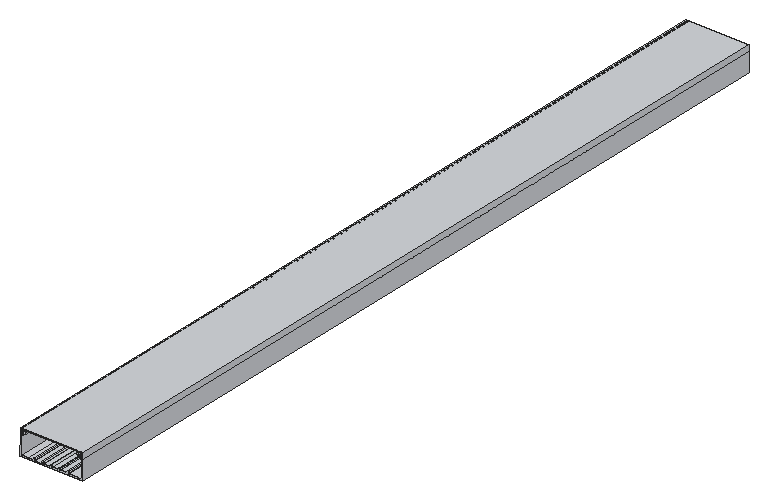
Revit family "Wand und Deckenkanal WDK60150 RW", category Generic Models, Revit 2017
Family settings
  Can host rebar = No
  Round Connector Dimension = Use Diameter
  Part Type = Normal
  Work Plane-Based = No
  Always vertical = Yes
  Cut with Voids When Loaded = No
  Shared = No
  Room Calculation Point = No
Parameters (values of type "WDK60150RW")
  URL = "http://www.obo-bettermann.com"
  Material = Polyvinylchlorid
  Manufacturer Art.No. = "6191231"
  Manufacturer = "OBO BETTERMANN"
  GTIN = "4012196491230"
  Article Type = "WDK60150RW"
Reference planes
  plane 1 "Center (Front/Back)": y = 0
  plane 2: z = 0
  plane 3 "Center (Left/Right)": x = 0
  plane 4: x = 150
  plane 5: z = 58.3
  plane 6: z = 51.3
  plane 7: z = 49.8
  plane 8: z = 44.754
  plane 9: x = 5.529
  plane 10: x = 9.229
  plane 11: x = 13.659
  plane 12: z = 50.8
  plane 13: z = 52.8
  plane 14: z = 55.8
  plane 15: x = 11.63
  plane 16: x = 9.229
  plane 17: x = 11.63
  plane 18: x = 75
  plane 19: z = 5
  plane 20: z = 8
  plane 21: x = 74.1
  plane 22: x = 75.9
  plane 23: x = 77.75
  plane 24: x = 72.25
  plane 25: x = 65
  plane 26: x = 45
  plane 27: x = 55
  plane 28: x = 75
  plane 29: y = 2000
Forms (mm)
  Extrusion 1, solid
    sketch origin (0, 0, 0) x (1, 0, 0) y (0, 0, 1)
      loop
        line (0, 0) -> (150, 0) -> (150, 44.754) -> (146.466, 49.8) -> (146.466, 51.3) -> (148.471, 51.3) -> (148.471, 52.328) -> (145.868, 57.893)
        arc (145.868, 57.893) -> (145.066, 58.303) -> (144.471, 57.627) r 0.734
        line (144.471, 57.627) -> (144.471, 55.243) -> (144.471, 52.801) -> (139.636, 52.801) -> (140.676, 54.591)
        arc (140.676, 54.591) -> (140.648, 55.464) -> (139.85, 55.822) r 0.824
        line (139.85, 55.822) -> (136.278, 54.156)
        arc (136.278, 54.156) -> (135.911, 53.104) -> (136.23, 52.035) r 1.811
        line (136.23, 52.035) -> (138.37, 50.8) -> (143.966, 50.8) -> (143.966, 49.012) -> (147.5, 43.965) -> (147.5, 3) -> (115.9, 3) -> (115.9, 5) -> (117.75, 5) -> (116.83, 6.895)
        arc (116.83, 6.895) -> (115.01, 8.037) -> (113.185, 6.903) r 2.028
        line (113.185, 6.903) -> (112.25, 5) -> (114.1, 5) -> (114.1, 3) -> (95.9, 3) -> (95.9, 5) -> (97.75, 5) -> (96.815, 6.903)
        arc (96.815, 6.903) -> (94.99, 8.037) -> (93.17, 6.895) r 2.028
        line (93.17, 6.895) -> (92.25, 5) -> (94.1, 5) -> (94.1, 3) -> (75.9, 3) -> (75.9, 5) -> (77.75, 5) -> (76.815, 6.903)
        arc (76.815, 6.903) -> (74.99, 8.037) -> (73.17, 6.895) r 2.028
        line (73.17, 6.895) -> (72.25, 5) -> (74.1, 5) -> (74.1, 3) -> (55.9, 3) -> (55.9, 5) -> (57.75, 5) -> (56.83, 6.895)
        arc (56.83, 6.895) -> (55.01, 8.037) -> (53.185, 6.903) r 2.028
        line (53.185, 6.903) -> (52.25, 5) -> (54.1, 5) -> (54.1, 3) -> (35.9, 3) -> (35.9, 5) -> (37.75, 5) -> (36.815, 6.903)
        arc (36.815, 6.903) -> (34.99, 8.037) -> (33.17, 6.895) r 2.028
        line (33.17, 6.895) -> (32.25, 5) -> (34.1, 5) -> (34.1, 3) -> (17.5, 3) -> (2.5, 3) -> (2.5, 43.965) -> (6.034, 49.012) -> (6.034, 50.8) -> (11.63, 50.8) -> (13.77, 52.035)
        arc (13.77, 52.035) -> (14.089, 53.104) -> (13.722, 54.156) r 1.811
        line (13.722, 54.156) -> (10.15, 55.822)
        arc (10.15, 55.822) -> (9.352, 55.464) -> (9.324, 54.591) r 0.824
        line (9.324, 54.591) -> (10.364, 52.801) -> (5.529, 52.801) -> (5.529, 55.243) -> (5.529, 57.627)
        arc (5.529, 57.627) -> (4.934, 58.303) -> (4.132, 57.893) r 0.734
        line (4.132, 57.893) -> (1.529, 52.328) -> (1.529, 51.3) -> (3.534, 51.3) -> (3.534, 49.8) -> (0, 44.754) -> (0, 0)
    from -2000 to 0
  Extrusion 2, solid
    sketch origin (0, 0, 0) x (1, 0, 0) y (0, 0, 1)
      loop
        line (0, 60.3) -> (0, 45.136) -> (3.247, 49.774) -> (3.247, 51.139) -> (1.432, 51.139) -> (1.432, 52.531) -> (1.432, 58.474) -> (148.568, 58.474) -> (148.568, 52.531) -> (148.568, 51.139) -> (146.753, 51.139) -> (146.753, 49.774) -> (150, 45.136) -> (150, 60.3) -> (0, 60.3)
    from 0 to -2000
Dimensions and locks
  locked: plane 6 to plane 8 at 6.546
  locked: plane 6 to plane 7 at 1.5
  locked: plane 9 to Extrusion 1 sketch curve at 4
  locked: Extrusion 1 sketch curve to plane 10 at 3.7
  locked: plane 11 to plane 9 at 8.13
  locked: plane 5 to plane 12 at 7.5
  locked: plane 13 to plane 12 at 2
  locked: plane 14 to plane 12 at 5
  locked: plane 15 to plane 3 "Center (Left/Right)" at 11.63
  Extrusion 1 sketch curve to plane 18 = 75 mm
  locked: plane 20 to plane 19 at 3
  locked: plane 18 to plane 25 at 10
  locked: plane 18 to plane 27 at 20
  locked: plane 27 to plane 26 at 10
  locked: Extrusion 1 sketch curve to Extrusion 1 sketch curve at 150
  locked: Extrusion 1 sketch curve to Extrusion 1 sketch curve at 145
  locked: Extrusion 1 sketch curve to Extrusion 1 sketch curve at 146.941
  locked: Extrusion 1 sketch curve to Extrusion 1 sketch curve at 58.316  (x2)
  locked: plane 18 to Extrusion 1 sketch curve at 60.911
  locked: Extrusion 1 sketch curve to plane 18 at 60.911
  locked: Extrusion 1 sketch curve to Extrusion 1 sketch curve at 8.037  (x4)
  locked: Extrusion 2 sketch curve to level at 60.3
  locked: Extrusion 1 to plane 28 at 75
  locked: Extrusion 2 sketch curve to Extrusion 2 sketch curve at 150
  locked: Extrusion 2 sketch curve to Extrusion 2 sketch curve at 1.826
  locked: Extrusion 2 sketch curve to Extrusion 2 sketch curve at 15.164  (x2)
  locked: Extrusion 2 sketch curve to Extrusion 2 sketch curve at 143.505
  locked: plane 1 "Center (Front/Back)" to plane 29 at 2000
  locked: Extrusion 1 sketch curve to plane 14 (angle 25.00°)
  locked: plane 12 to Extrusion 1 sketch curve (angle 30.00°)
  aligned and locked: level to plane 2
  aligned and locked: Extrusion 1 sketch curve to Extrusion 1 sketch curve  (x3)
  aligned and locked: plane 1 "Center (Front/Back)" to Extrusion 2
Automatic sketch dimensions
  Extrusion 1 sketch curve to plane 6 = 0 mm  (x2)
  Extrusion 1 sketch curve to plane 7 = 0 mm  (x2)
  Extrusion 1 sketch curve to plane 12 = 0 mm  (x2)
  Extrusion 1 sketch curve to plane 15 = 0 mm
  Extrusion 1 sketch curve to plane 19 = 0 mm  (x10)
  plane 24 to Extrusion 1 sketch curve = 0 mm
  Extrusion 1 sketch curve to plane 21 = 0 mm
  Extrusion 1 sketch curve to plane 22 = 0 mm
  plane 23 to Extrusion 1 sketch curve = 0 mm
  Extrusion 1 sketch curve to level = 0 mm
  Extrusion 1 sketch curve to plane 8 = 0 mm  (x2)
  Extrusion 1 sketch curve to plane 8 = 0.788 mm  (x2)
  plane 3 "Center (Left/Right)" to Extrusion 1 sketch curve = 2.5 mm
  Extrusion 1 sketch curve to plane 9 = 1.996 mm
  Extrusion 1 sketch curve to plane 5 = 0.407 mm  (x2)
  Extrusion 1 sketch curve to Extrusion 1 sketch curve = 0.665 mm  (x2)
  plane 9 to Extrusion 1 sketch curve = 0.504 mm
  plane 10 to Extrusion 1 sketch curve = 0.095 mm
  plane 14 to Extrusion 1 sketch curve = 0.022 mm  (x2)
  Extrusion 1 sketch curve to Extrusion 1 sketch curve = 0.113 mm  (x2)
  plane 13 to Extrusion 1 sketch curve = 0.001 mm  (x2)
  plane 10 to Extrusion 1 sketch curve = 1.135 mm
  plane 15 to Extrusion 1 sketch curve = 0.648 mm
  plane 11 to Extrusion 1 sketch curve = 0.063 mm
  plane 11 to Extrusion 1 sketch curve = 0.111 mm
  plane 11 to Extrusion 1 sketch curve = 3.841 mm
  Extrusion 1 sketch curve to plane 26 = 12.75 mm
  Extrusion 1 sketch curve to Extrusion 1 sketch curve = 0.92 mm  (x2)
  Extrusion 1 sketch curve to Extrusion 1 sketch curve = 1.85 mm  (x3)
  plane 19 to Extrusion 1 sketch curve = 1.009 mm  (x3)
  Extrusion 1 sketch curve to Extrusion 1 sketch curve = 1.8 mm
  Extrusion 1 sketch curve to plane 20 = 1.097 mm  (x2)
  Extrusion 1 sketch curve to plane 27 = 1.815 mm
  Extrusion 1 sketch curve to plane 27 = 0.9 mm
  plane 27 to Extrusion 1 sketch curve = 0.005 mm
  plane 27 to Extrusion 1 sketch curve = 0.9 mm
  Extrusion 1 sketch curve to plane 20 = 1.105 mm  (x2)
  plane 27 to Extrusion 1 sketch curve = 1.83 mm
  plane 24 to Extrusion 1 sketch curve = 0.92 mm
  Extrusion 1 sketch curve to plane 18 = 0.005 mm
  plane 22 to Extrusion 1 sketch curve = 0.915 mm
  plane 23 to Extrusion 1 sketch curve = 14.5 mm
  Extrusion 1 sketch curve to Extrusion 1 sketch curve = 0.905 mm
  Extrusion 1 sketch curve to Extrusion 1 sketch curve = 14.5 mm
  Extrusion 1 sketch curve to Extrusion 1 sketch curve = 0.935 mm
  Extrusion 1 sketch curve to Extrusion 1 sketch curve = 0.895 mm
  plane 6 to Extrusion 1 sketch curve = 0.735 mm
  plane 13 to Extrusion 1 sketch curve = 1.356 mm
  Extrusion 1 sketch curve to Extrusion 1 sketch curve = 0.048 mm
  plane 13 to Extrusion 1 sketch curve = 0.262 mm
  Extrusion 1 sketch curve to Extrusion 1 sketch curve = 0.648 mm
  Extrusion 1 sketch curve to Extrusion 1 sketch curve = 1.914 mm
  Extrusion 1 sketch curve to Extrusion 1 sketch curve = 0.214 mm
  Extrusion 1 sketch curve to plane 14 = 1.209 mm
  Extrusion 1 sketch curve to Extrusion 1 sketch curve = 4.33 mm
  Extrusion 1 sketch curve to plane 14 = 0.557 mm  (x2)
  Extrusion 1 sketch curve to Extrusion 1 sketch curve = 0.732 mm
  Extrusion 1 sketch curve to Extrusion 1 sketch curve = 2.5 mm
  Extrusion 1 sketch curve to plane 13 = 0.472 mm  (x2)
  Extrusion 1 sketch curve to plane 19 = 2 mm  (x2)
  Extrusion 1 sketch curve to Extrusion 1 sketch curve = 0 mm  (x3)
  Extrusion 1 sketch curve to plane 7 = 0.788 mm  (x2)
  Extrusion 2 sketch curve to plane 3 "Center (Left/Right)" = 0 mm
  plane 3 "Center (Left/Right)" to Extrusion 2 sketch curve = 1.432 mm
  Extrusion 2 sketch curve to Extrusion 2 sketch curve = 1.815 mm
  Extrusion 2 sketch curve to Extrusion 2 sketch curve = 1.432 mm
  Extrusion 2 sketch curve to Extrusion 2 sketch curve = 1.393 mm  (x2)
  Extrusion 2 sketch curve to Extrusion 2 sketch curve = 1.365 mm  (x2)
  Extrusion 2 sketch curve to Extrusion 2 sketch curve = 4.638 mm  (x2)
